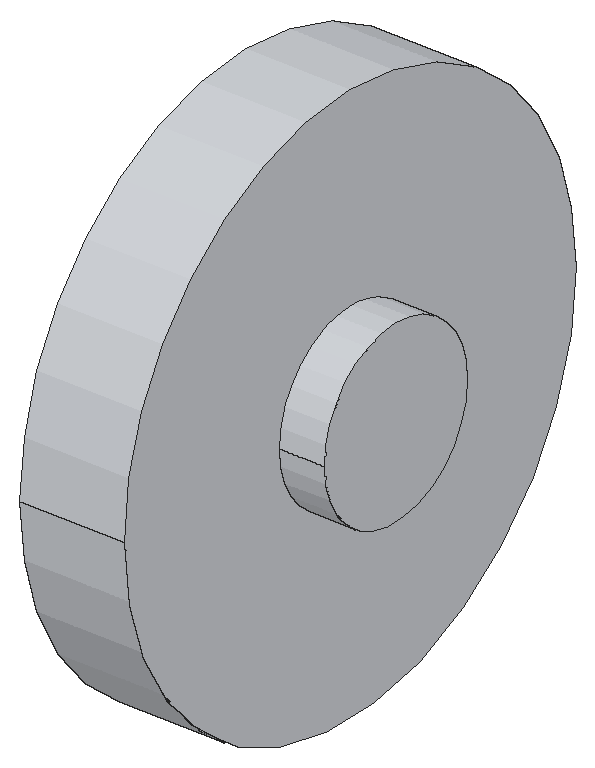
Revit family "M_Flange - Passagem - Aço - Classe 900", category Conexões de tubo, Revit 2019
Family settings
  Cota do conector redondo = Usar raio
  Tipo de parte = Flange
  Número OmniClass = 23.60.30.11.14
  Título OmniClass = Pipework Fittings
  ID de item do Seek = Flange - Slip-on - Steel - Class 900-0000-CAN-ENU
  Com base no plano de trabalho = Não
  Sempre na vertical = Sim
  Corte com vazios quando carregada = Não
  Compartilhado = Não
Parameters (values of type "Padrão")
  Tamanho da marca de revisão [instance] = Diâmetro externo da flange * 0.4  # 48 mm
  Espessura da face elevada [instance] = 6.35 mm  # constant formula
  Raio da face elevada [instance] = Diâmetro da face elevada / 2  # 17.45 mm
  Diâmetro da face elevada [instance] = size_lookup(Nome da tabela de pesquisa, "RFD", 1.11 * Diâmetro nominal + 34.727 mm, Diâmetro nominal)  # 34.9 mm
  Raio nominal [instance] = 7.5 mm
  Diâmetro nominal [instance] = Raio nominal * 2  # 15 mm
  Método de perda = Não definido
  Nome da tabela de pesquisa = "M_Flange - Slip-on - Steel - Class 900"
  Comprimento pelo hub [instance] = size_lookup(Nome da tabela de pesquisa, "LTH", 0.26 * Diâmetro nominal + 38.1 mm, Diâmetro nominal)  # 32 mm
  Raio do hub [instance] = Diâmetro do hub / 2  # 19 mm
  Diâmetro do hub [instance] = size_lookup(Nome da tabela de pesquisa, "HDia", 1.2 * Diâmetro nominal + 35.917 mm, Diâmetro nominal)  # 38 mm
  Espessura do flange [instance] = size_lookup(Nome da tabela de pesquisa, "FThk", 0.18 * Diâmetro nominal + 25.202 mm, Diâmetro nominal)  # 22.3 mm
  Raio externo da flange [instance] = Diâmetro externo da flange / 2  # 60 mm
  Diâmetro externo da flange [instance] = size_lookup(Nome da tabela de pesquisa, "FOD", 1.5 * Diâmetro nominal + 130.274 mm, Diâmetro nominal)  # 120 mm
Reference planes
  plane 1 "Centro (Frente/Trás)": y = 0
  plane 2: z = 0
  plane 3 "Centro (Esquerda/Direita)": x = 0
  plane 4: x = 6.35
  plane 5: x = 28.65
  plane 6: x = 38.35
  plane 7: y = 48
  plane 8: y = -48
Forms (mm)
  Sweep 1, solid, detail levels fine
    path in 3D
      loop
        line (0, 0, 0) -> (6.35, 0, 0)
    profile origin (3.175, 0, 0) x (0, 1, 0) y (0, 0, 1)
      loop
        circle (0, 0) r 17.45
  Sweep 2, solid, detail levels fine
    path in 3D
      loop
        line (6.35, 0, 0) -> (28.65, 0, 0)
    profile origin (17.5, 0, 0) x (0, 1, 0) y (0, 0, 1)
      loop
        circle (0, 0) r 60
  Sweep 3, solid, detail levels fine
    path in 3D
      loop
        line (28.65, 0, 0) -> (38.35, 0, 0)
    profile origin (33.5, 0, 0) x (0, 1, 0) y (0, 0, 1)
      loop
        circle (0, 0) r 19
Cuts and joins
  joined: Sweep 1, Sweep 2, Sweep 3
Lines and regions (mm)
  model lines, detail levels coarse+medium
    curve 1: line (0, 0, 0) -> (6.35, 0, 0)
    curve 2: line (6.35, 0, 0) -> (28.65, 0, 0)
    curve 3: line (28.65, 0, 0) -> (38.35, 0, 0)
    curve 7: line (28.65, 48, 0) -> (28.65, -48, 0)
  sketch lines
    curve 4: line (0, 0, 0) -> (6.35, 0, 0)
    curve 5: line (6.35, 0, 0) -> (28.65, 0, 0)
    curve 6: line (28.65, 0, 0) -> (38.35, 0, 0)
Dimensions and locks
  "Espessura da face elevada": plane 3 "Centro (Esquerda/Direita)" to plane 4
  "Espessura do flange": plane 4 to plane 5
  "Comprimento pelo hub": plane 4 to plane 6
  equal spacing: plane 7, plane 1 "Centro (Frente/Trás)", plane 8
  "Tamanho da marca de revisão": plane 7 to plane 1 "Centro (Frente/Trás)"
  "Raio da face elevada": radius of Sweep 1 sketch curve
  "Raio externo da flange": radius of Sweep 2 sketch curve
  "Raio do hub": radius of Sweep 3 sketch curve
  aligned and locked: plane 3 "Centro (Esquerda/Direita)" to curve 1
  aligned and locked: plane 4 to curve 1
  aligned and locked: plane 1 "Centro (Frente/Trás)" to curve 1
  aligned and locked: plane 1 "Centro (Frente/Trás)" to curve 2
  aligned and locked: plane 5 to curve 3
  aligned and locked: plane 6 to curve 3
  aligned and locked: plane 1 "Centro (Frente/Trás)" to curve 3
  aligned and locked: plane 7 to curve 7
  aligned and locked: plane 8 to curve 7
  aligned and locked: curve 7 to plane 5
Automatic sketch dimensions
  Sweep 1 sketch curve to profile plane = 0 mm  (x2)
  Sweep 2 sketch curve to profile plane = 0 mm  (x2)
  Sweep 3 sketch curve to profile plane = 0 mm  (x2)
Connectors
  piping at (0, 0, 0), diameter 15, driven by "Raio nominal"
    settings: on cut or joined group of Sweep 1, Sweep 2, Sweep 3, index 1, connector inside diameter 15 mm, connector length 0 mm, flow factor 0, pipe flow 0.0 L/s, pressure drop 0.0 Pa, fitting loss kfactor 0, connector angle 0.00°, fixture units 0, engagement length 0 mm, angle of deflection 0.00°, flow configuration 0, flow direction 0, fitting loss method 0, system type 28, joint type 0, gender type 0, connector reference index 2, connector utility 0, adjustable connector no, is connector primary yes, connector description ""
  piping at (38.35, 0, 0), diameter 15, driven by "Raio nominal"
    settings: on cut or joined group of Sweep 1, Sweep 2, Sweep 3, index 2, connector inside diameter 15 mm, connector length 0 mm, flow factor 0, pipe flow 0.0 L/s, pressure drop 0.0 Pa, fitting loss kfactor 0, connector angle 0.00°, fixture units 0, engagement length 0 mm, angle of deflection 0.00°, flow configuration 0, flow direction 0, fitting loss method 0, system type 28, joint type 0, gender type 0, connector reference index 1, connector utility 0, adjustable connector no, is connector primary no, connector description ""
